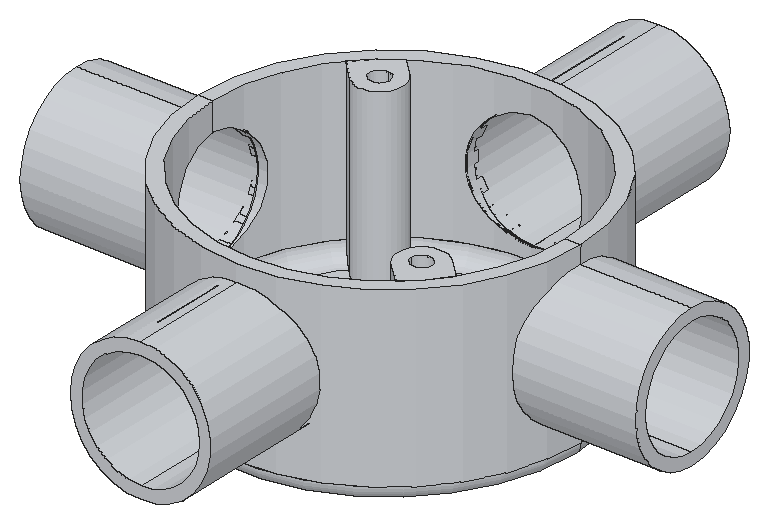
Revit family "PB5W", category Generic Models, Revit 2017
Family settings
  Can host rebar = No
  Round Connector Dimension = Use Diameter
  Part Type = Normal
  Work Plane-Based = Yes
  Always vertical = No
  Cut with Voids When Loaded = No
  Shared = No
  Room Calculation Point = No
Parameters (values of type "NBS Standard Parameters")
  Weight = "0.053Kg"
  WarrantyStartDate [instance] = "1900-12-31T23:59:59"
  WarrantyGuarantorParts = "n/a"
  WarrantyGuarantorLabor = "n/a"
  WarrantyDurationUnit = "1 year"
  WarrantyDurationParts = "n/a"
  WarrantyDurationLabor = "n/a"
  WarrantyDescription = "n/a"
  Version = "1"
  Uniclass2 = "P_65_70_11_20"
  TagNumber [instance] = "n/a"
  SustainabilityPerformance = "n/a"
  Size = "20mm"
  Shape = "Circular"
  SerialNumber [instance] = "n/a"
  Revision = "n/a"
  ReplacementCost = "n/a"
  ProductInformation = "www.metpro.co.uk/pdf/pb5w.pdf"
  NominalWidth = 66 mm
  NominalLength = 66 mm
  NominalHeight = 30 mm
  Name = ""
  NBSTypeID = ""
  NBSReference = "90-55-10/460"
  NBSOfficeMasterTag = ""
  NBSNote = ""
  NBSDescription = "Conduit Fittings"
  NBSCertification = ""
  ModelReference = "PB5W"
  ModelNumber = "n/a"
  Material = "PVC"
  ManufacturerURL = "www.metpro.co.uk"
  ManufacturerName = "Metpro Ltd"
  Keynote = "Manufactured to BS4607 Part 1"
  InstallationDate [instance] = "1900-12-31T23:59:59"
  IfcExportType = ""
  IfcExportAs = ""
  Grade = "n/a"
  Finish = "White"
  Features = "n/a"
  ExpectedLife = "n/a"
  DurationUnit = "year"
  Description = "PB5W - 20mm Intersection PVC Conduit Box"
  Default Elevation = 1219.2 mm
  Constituents = "n/a"
  Color = "n/a"
  CodePerformance = "n/a"
  Category = "n/a"
  BarCode [instance] = "n/a"
  BIMObjectName = "Metpro_metprolibrary_conduitfittings_PVCcomponent_circularjunctionbox"
  Author = "Metpro Ltd"
  AssetType = ""
  AssetIdentifier [instance] = "n/a"
  AccessibilityPerformance = "n/a"
Reference planes
  plane 1 "Center (Front/Back)": y = 0
  plane 2: z = 0
  plane 3 "Center (Left/Right)": x = 0
Forms (mm)
  Revolve 1, solid
    sketch origin (-3.824, 30.733, -25.521) x (1, 0, 0) y (0, 0, 1)
      loop
        line (-32.5, 42.541) -> (-32.5, 12.5)
        arc (-32.5, 12.5) -> (-31.768, 10.732) -> (-30, 10) r 2.5
        line (-30, 10) -> (0, 10) -> (0, 12.541) -> (-27, 12.541)
        arc (-27, 12.541) -> (-29.121, 13.42) -> (-30, 15.541) r 3
        line (-30, 15.541) -> (-30, 42.541) -> (-32.5, 42.541)
      axis (0, 10) -> (0, 42.541)
    angle from 0 to 360
  Extrusion 2, solid
    sketch origin (-3.824, 30.733, 17.021) x (0, 1, 0) y (-1, 0, 0)
      loop
        arc (-13.805, -21.577) -> (-13.887, -16.02) -> (-19.441, -15.821) r 4.033
        line (-19.441, -15.821) -> (-22.946, -19.326)
        arc (-22.946, -19.326) -> (-20.14, -22.235) -> (-16.968, -24.74) r 30
        line (-16.968, -24.74) -> (-13.805, -21.577)
      loop
        circle (-16.769, -18.842) r 1.752
      loop
        line (21.577, 13.805) -> (24.74, 16.968)
        arc (24.74, 16.968) -> (22.235, 20.14) -> (19.326, 22.946) r 30
        line (19.326, 22.946) -> (15.821, 19.441)
        arc (15.821, 19.441) -> (16.02, 13.887) -> (21.577, 13.805) r 4.033
      loop
        circle (18.842, 16.769) r 1.752
    from -31.222 to 0
  Extrusion 3, void
    sketch origin (-3.824, 30.733, -25.521) x (0, 0, 1) y (0, -1, 0)
      loop
        circle (27.754, 0.168) r 10
    from -58.88 to 59.926
  Extrusion 4, solid
    sketch origin (-3.824, 30.733, -24.271) x (0, 0, 1) y (0, -1, 0)
      loop
        circle (26.504, 0.168) r 12
      loop
        circle (26.504, 0.168) r 10
    from 30.64 to 51.5
  Extrusion 5, solid
    sketch origin (-5.324, 30.733, -24.271) x (0, 0, 1) y (0, 1, 0)
      loop
        circle (26.504, -0.168) r 10
      loop
        circle (26.504, -0.168) r 12
    from 28.765 to 51.5
  Extrusion 6, solid
    sketch origin (-3.824, 29.233, -24.271) x (0, 0, 1) y (-1, 0, 0)
      loop
        circle (26.504, -0.168) r 10
      loop
        circle (26.504, -0.168) r 12
    from 24.792 to 51.5
  Extrusion 7, void
    sketch origin (-3.824, 30.733, 17.021) x (-1, 0, 0) y (0, 1, 0)
      loop
        arc (-14.448, -26.292) -> (0, -30) -> (14.448, -26.292) r 30
        line (14.448, -26.292) -> (-14.448, -26.292)
    from 0 to 31.222
  Extrusion 8, solid
    sketch origin (-3.824, 30.733, -24.271) x (0, 0, 1) y (1, 0, 0)
      loop
        circle (26.504, 0.168) r 12
      loop
        circle (26.504, 0.168) r 10
    from 56.946 to 30.196
  Extrusion 9, void
    sketch origin (-3.824, -22.267, -24.271) x (0, 0, -1) y (-1, 0, 0)
      loop
        circle (-26.504, -0.168) r 10
    from 0 to 104.5
Cuts and joins
  Extrusion 3, Extrusion 9 cuts Revolve 1
  Extrusion 3 cuts Extrusion 4
  Extrusion 3 cuts Extrusion 5
  Extrusion 7, Extrusion 9 cuts Extrusion 6
  Extrusion 9 cuts Extrusion 8
Dimensions and locks
  aligned and locked: level to plane 2
